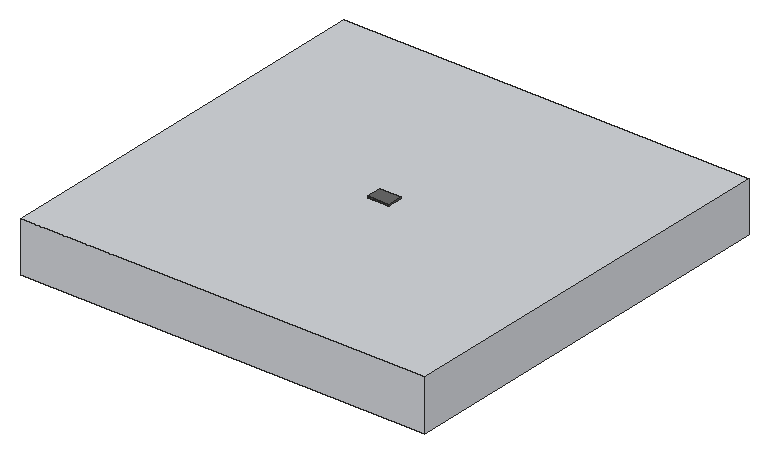
Revit family "Legrand_Hotel_UX_TOUCH_Commande_Tactile_Scenario", category Equipement électrique, Revit 2020
Family settings
  Hôte = Face
  Configuration du panneau = Deux colonnes, circuits au sein
  Cote de connecteur circulaire = Utiliser le diamètre
  Type d'élément = Tableau de raccordement
  Couper avec des vides une fois chargée = Non
  Partagée = Non
  Point de calcul de pièce = Non
Parameters (values of type "6 scénarios")
  Site web configurateur = "https://uxforupscalehotel.legrand.com"
  URL = "http://www.legrandoc.com/048774"
  Type de montage = "encastré"
  Temperature de stockage MIN-MAX (°C) = "-20-70"
  Temperature d'utilisation /d'installation MIN-MAX (°C) = "0-40"
  Support de montage Ref 048779 [instance] = yes
  Résistance aux chocs (IK) = "IK02"
  Programmable = yes
  Profondeur hors tout = 42 mm
  Profondeur d'encastrement = 30 mm
  Nombre de touches = 6
  Moyen de programmation = "Ordinateur "
  Modèle = "048774"
  Matériau = LEGRAND - Plastique noir
  Largeur hors tout = 129 mm
  built-in parameter 1140140 [instance] = 1 (stored number, unit not read)
  Hauteur hors tout = 93 mm
  Fréquence d'alimentation MIN-MAX (Hz) = "0-0"
  Finition de la surface = "brillant"
  Fabricant = "Legrand"
  Elévation par défaut = 1300 mm
  Description = "Commande tactile 6 touches"
  Couleur = "noir"
  built-in parameter 1140142 [instance] = -1
  Consommation en veille (mA) = 8
  Condition Générale d'Utilisation = "https://export.legrand.com/CGU-objets-BIM"
  Commande = 6 touches : 6 touches
  Classe de protection (IP) = "IP20"
  built-in parameter 1155100 [instance] = -1
  Avec thermostat d'ambiance = no
  Avec affichage LED = yes
  Autres systèmes de bus = "autre"
  Adressable = yes
  Accessoire montage affleurant Ref 048788 [instance] = not(Support de montage Ref 048779)  # no
Types (4, lengths in mm): name | URL | Nombre de touches | Modèle | Description | Commande | Avec thermostat d'ambiance
  (no name) | "http://www.legrandoc.com/048777" | 4 | "048777" | "Commande tactile 4 touches" | 4 touches : 4 touches | no
  Thermostat_Commande Tête de Lit | "http://www.legrandoc.com/048772" | 10 | "048772" | "Commande tête de lit SCS" | Tête de lit : Tête de lit | yes
  4 scénarios | "http://www.legrandoc.com/048777" | 4 | "048777" | "Commande tactile 4 touches" | 4 touches : 4 touches | no
  6 scénarios | "http://www.legrandoc.com/048774" | 6 | "048774" | "Commande tactile 6 touches" | 6 touches : 6 touches | no
Reference planes
  plane 1 "Centre (avant/arrière)": y = 0
  plane 2: z = 0
  plane 3 "Centre (gauche/droite)": x = 0
Forms (mm)
  Extrusion 1, solid
    sketch origin (0, 0, 0) x (1, 0, 0) y (0, 1, 0)
      loop
        line (-1219.2, 1219.2) -> (-1219.2, -1219.2) -> (1219.2, -1219.2) -> (1219.2, 1219.2) -> (-1219.2, 1219.2)
    from 0 to -304.8
Dimensions and locks
  aligned and locked: plane 2 to Extrusion 1
  aligned and locked: level to Extrusion 1
Nested families
  nested 1: "TOUCH-Commande_ Tactile_Scénario" at (0, 0, 0), type "TOUCH-Commande_ Tactile_Scénario"
  nested 2: "6 touches" at (0, 0, 0), type <- "Commande", type "6 touches"
Connectors
  electrical at (0, 0, 0)
    settings: on nested 1, index 2, voltage 0 V, apparent load 0 VA, apparent load phase1 0 VA, apparent load phase2 0 VA, apparent load phase3 0 VA, power factor 1, load classification "Autre", number of poles 1, system type 30, power factor state 1, is connector primary yes, connector utility no, sub classification motor no, connector description ""
Definition of nested family "TOUCH-Commande_ Tactile_Scénario"
  Parameters (values of type "TOUCH-Commande_ Tactile_Scénario")
    Matériau = none
    Default Elevation = 0 mm
  Reference planes
    plane 1 "Centre (avant/arrière)": y = 0
    plane 2: z = 0
    plane 3 "Centre (gauche/droite)": x = 0
    plane 4: z = -5.9
    plane 5: z = -30.9
    plane 6: z = 11.5
    plane 7: x = 64.5
    plane 8: x = -64.5
    plane 9: y = 46.5
    plane 10: y = -46.5
    plane 11: x = 16.5
    plane 12: x = -16.5
  Forms (mm)
    Extrusion 1, solid, material <- "Matériau"
      sketch origin (0, 0, 0) x (0, -1, 0) y (1, 0, 0)
        loop
          line (-26.5, 26.5) -> (-26.5, -26.5) -> (26.5, -26.5) -> (26.5, 26.5) -> (-26.5, 26.5)
      from -5.9 to 0
    Extrusion 2, solid, material <- "Matériau"
      sketch origin (0, 0, 0) x (0, -1, 0) y (1, 0, 0)
        loop
          line (-16.5, 16.5) -> (-16.5, -16.5) -> (16.5, -16.5) -> (16.5, 16.5) -> (-16.5, 16.5)
      from -30.9 to -5.9
    Extrusion 3, solid, material <- "Matériau"
      sketch origin (0, 0, 0) x (1, 0, 0) y (0, 1, 0)
        loop
          line (-64.5, 46.5) -> (-64.5, -46.5) -> (64.5, -46.5) -> (64.5, 46.5) -> (-64.5, 46.5)
      from 0 to 11.5
    Sweep 4, void
      path origin (0, 0, 0) x (1, 0, 0) y (0, 1, 0)
        loop
          line (-64.5, 46.5) -> (-64.5, -46.5) -> (64.5, -46.5) -> (64.5, 46.5) -> (-64.5, 46.5)
      profile origin (0, 46.5, 0) x (0, 1, 0) y (0, 0, 1)
        loop
          arc (0, 11.5) -> (-1.004, 5.704) -> (-4.308, 0.837) r 13.947
          arc (-4.308, 0.837) -> (-5.255, 0.224) -> (-6.36, 0) r 3.03
          line (-6.36, 0) -> (-6.36, -5) -> (1.64, -5) -> (1.64, 11.5) -> (0, 11.5)
  Cuts and joins
    joined: Extrusion 1, Extrusion 2
    Sweep 4 cuts Extrusion 3
  Dimensions and locks
    plane 8 to plane 7 = 129 mm
    plane 10 to plane 9 = 93 mm
    plane 12 to plane 11 = 33 mm
    plane 6 to plane 2 = 11.5 mm
    aligned and locked: level to plane 2
Definition of nested family "6 touches"
  Parameters (values of type "Commande 6 touches")
    Matériau = none
    built-in parameter 1140140 [instance] = 1 (stored number, unit not read)
    Default Elevation = 0 mm
    built-in parameter 1140142 [instance] = -1
    built-in parameter 1155100 [instance] = -1
  Reference planes
    plane 1 "Centre (avant/arrière)": y = 0
    plane 2: z = 0
    plane 3 "Centre (gauche/droite)": x = 0
    plane 4: z = -5.9
    plane 5: z = -30.9
    plane 6: z = 11.5
    plane 7: x = -64.5
    plane 8: x = 64.5
    plane 9: y = 46.5
    plane 10: y = -46.5
  Lines and regions (mm)
    model lines, not visible
      curve 1: line (-138.451, 165, 0) -> (-212.12, -37.402, 0)
      curve 2: line (-212.12, -37.402, 0) -> (-73.668, -202.402, 0)
      curve 3: line (-73.668, -202.402, 0) -> (138.451, -165, 0)
      curve 4: line (138.451, -165, 0) -> (212.12, 37.402, 0)
      curve 5: line (212.12, 37.402, 0) -> (73.668, 202.402, 0)
      curve 6: line (73.668, 202.402, 0) -> (-138.451, 165, 0)
      curve 7: circle (-345, 165, 115) r 30 normal (0, 0, 1)
      curve 8: arc (352.49, 195, 115) -> (332.49, 205, 115) -> (312.49, 195, 115) r 25
      curve 9: circle (345, -165, 115) r 42.51 normal (0, 0, 1)
      curve 10: arc (360, -147.49, 115) -> (345, -137.007, 115) -> (330, -147.49, 115) r 15.973
      curve 11: arc (340, -192.51, 115) -> (345, -197.618, 115) -> (350, -192.51, 115) r 5.001
      curve 12: arc (-358.345, -122.49, 115) -> (-374.702, -194.693, 115) -> (-302.498, -178.336, 115) r 43.762
      curve 13: arc (-358.345, -122.49, 115) -> (-351.939, -171.93, 115) -> (-302.498, -178.336, 115) r 40.838
      curve 14: line (-345, 205, 115) -> (-345, 225, 115)
      curve 15: line (-345, 125, 115) -> (-345, 105, 115)
      curve 16: line (-285, 165, 115) -> (-305, 165, 115)
      curve 17: line (-405, 165, 115) -> (-385, 165, 115)
      curve 18: line (-387.426, 207.426, 115) -> (-373.284, 193.284, 115)
      curve 19: line (-302.574, 122.574, 115) -> (-316.716, 136.716, 115)
      curve 20: line (-387.426, 122.574, 115) -> (-373.284, 136.716, 115)
      curve 21: line (-302.574, 207.426, 115) -> (-316.716, 193.284, 115)
      curve 22: line (362.49, 195, 115) -> (302.49, 195, 115)
      curve 23: line (302.49, 195, 115) -> (317.49, 125, 115)
      curve 24: line (317.49, 125, 115) -> (347.49, 125, 115)
      curve 25: line (347.49, 125, 115) -> (362.49, 195, 115)
      curve 26: line (375, -134.881, 115) -> (315, -195.119, 115)
      curve 27: line (330, -147.49, 115) -> (325, -192.51, 115)
      curve 28: line (325, -192.51, 115) -> (365, -192.51, 115)
      curve 29: line (365, -192.51, 115) -> (360, -147.49, 115)
      curve 30: line (376, 165, 115) -> (376, 225, 115)
      curve 31: line (376, 225, 115) -> (374, 225, 115)
      curve 32: line (374, 225, 115) -> (374, 165, 115)
      curve 33: line (362.49, 150, 115) -> (362.49, 125, 115)
      curve 34: line (362.49, 125, 115) -> (387.51, 125, 115)
      curve 35: line (387.51, 125, 115) -> (387.51, 150, 115)
      curve 36: arc (374, 165, 115) -> (365.95, 159.261, 115) -> (362.49, 150, 115) r 16.895
      curve 37: arc (387.51, 150, 115) -> (384.05, 159.261, 115) -> (376, 165, 115) r 16.895
      curve 38: circle (-1.577, 165, 0) r 30 normal (0, 0, 1)
      curve 39: circle (-347.002, -165, 0) r 42.51 normal (0, 0, 1)
      curve 40: arc (-14.921, -122.49, 0) -> (-31.278, -194.693, 0) -> (40.925, -178.336, 0) r 43.762
      curve 41: arc (-14.921, -122.49, 0) -> (-8.515, -171.93, 0) -> (40.925, -178.336, 0) r 40.838
      curve 42: arc (-332.521, -155.239, 0) -> (-346.577, -135, 0) -> (-360.632, -155.239, 0) r 15
      curve 43: line (-1.577, 205, 0) -> (-1.577, 225, 0)
      curve 44: line (-1.577, 125, 0) -> (-1.577, 105, 0)
      curve 45: line (58.423, 165, 0) -> (38.423, 165, 0)
      curve 46: line (-61.577, 165, 0) -> (-41.577, 165, 0)
      curve 47: line (-44.003, 207.426, 0) -> (-29.861, 193.284, 0)
      curve 48: line (40.85, 122.574, 0) -> (26.708, 136.716, 0)
      curve 49: line (-44.003, 122.574, 0) -> (-29.861, 136.716, 0)
      curve 50: line (40.85, 207.426, 0) -> (26.708, 193.284, 0)
      curve 51: line (-317.002, -134.881, 0) -> (-377.002, -195.119, 0)
      curve 52: line (-360.632, -155.239, 0) -> (-351.647, -190, 0)
      curve 53: line (-351.647, -190, 0) -> (-341.506, -190, 0)
      curve 54: line (-341.506, -190, 0) -> (-332.521, -155.239, 0)
      curve 55: line (313.423, 145, 0) -> (343.423, 185, 0)
      curve 56: line (343.423, 185, 0) -> (373.423, 145, 0)
      curve 57: line (313.423, -145, 0) -> (343.423, -185, 0)
      curve 58: line (343.423, -185, 0) -> (373.423, -145, 0)
      curve 59: line (-389.512, 195, 0) -> (-304.491, 195, 0)
      curve 60: line (-304.491, 195, 0) -> (-304.491, 145, 0)
      curve 61: line (-304.491, 145, 0) -> (-389.512, 145, 0)
      curve 62: line (-389.512, 145, 0) -> (-389.512, 195, 0)
      curve 63: line (-356.577, 145, 0) -> (-356.577, 135, 0)
      curve 64: line (-356.577, 135, 0) -> (-336.577, 135, 0)
      curve 65: line (-336.577, 135, 0) -> (-336.577, 145, 0)
      curve 66: arc (-351.647, -190, 0) -> (-346.577, -195.001, 0) -> (-341.506, -190, 0) r 5.071
    model lines
      curve 67: circle (-0.158, 16.5, 11.5) r 3 normal (0, 0, 1)
      curve 68: circle (-34.7, -16.5, 11.5) r 4.251 normal (0, 0, 1)
      curve 69: arc (-1.492, -12.249, 11.5) -> (-3.128, -19.469, 11.5) -> (4.093, -17.834, 11.5) r 4.376
      curve 70: arc (-1.492, -12.249, 11.5) -> (-0.852, -17.193, 11.5) -> (4.093, -17.834, 11.5) r 4.084
      curve 71: arc (-33.252, -15.524, 11.5) -> (-34.658, -13.5, 11.5) -> (-36.063, -15.524, 11.5) r 1.5
      curve 72: line (-0.158, 20.5, 11.5) -> (-0.158, 22.5, 11.5)
      curve 73: line (-0.158, 12.5, 11.5) -> (-0.158, 10.5, 11.5)
      curve 74: line (5.842, 16.5, 11.5) -> (3.842, 16.5, 11.5)
      curve 75: line (-6.158, 16.5, 11.5) -> (-4.158, 16.5, 11.5)
      curve 76: line (-4.4, 20.743, 11.5) -> (-2.986, 19.328, 11.5)
      curve 77: line (4.085, 12.257, 11.5) -> (2.671, 13.672, 11.5)
      curve 78: line (-4.4, 12.257, 11.5) -> (-2.986, 13.672, 11.5)
      curve 79: line (4.085, 20.743, 11.5) -> (2.671, 19.328, 11.5)
      curve 80: line (-31.7, -13.488, 11.5) -> (-37.7, -19.512, 11.5)
      curve 81: line (-36.063, -15.524, 11.5) -> (-35.165, -19, 11.5)
      curve 82: line (-35.165, -19, 11.5) -> (-34.151, -19, 11.5)
      curve 83: line (-34.151, -19, 11.5) -> (-33.252, -15.524, 11.5)
      curve 84: line (31.342, 14.5, 11.5) -> (34.342, 18.5, 11.5)
      curve 85: line (34.342, 18.5, 11.5) -> (37.342, 14.5, 11.5)
      curve 86: line (31.342, -14.5, 11.5) -> (34.342, -18.5, 11.5)
      curve 87: line (34.342, -18.5, 11.5) -> (37.342, -14.5, 11.5)
      curve 88: line (-38.951, 19.5, 11.5) -> (-30.449, 19.5, 11.5)
      curve 89: line (-30.449, 19.5, 11.5) -> (-30.449, 14.5, 11.5)
      curve 90: line (-30.449, 14.5, 11.5) -> (-38.951, 14.5, 11.5)
      curve 91: line (-38.951, 14.5, 11.5) -> (-38.951, 19.5, 11.5)
      curve 92: line (-35.658, 14.5, 11.5) -> (-35.658, 13.5, 11.5)
      curve 93: line (-35.658, 13.5, 11.5) -> (-33.658, 13.5, 11.5)
      curve 94: line (-33.658, 13.5, 11.5) -> (-33.658, 14.5, 11.5)
      curve 95: arc (-35.165, -19, 11.5) -> (-34.658, -19.5, 11.5) -> (-34.151, -19, 11.5) r 0.507
  Dimensions and locks
    plane 7 to plane 8 = 129 mm
    plane 10 to plane 9 = 93 mm
    aligned and locked: level to plane 2
